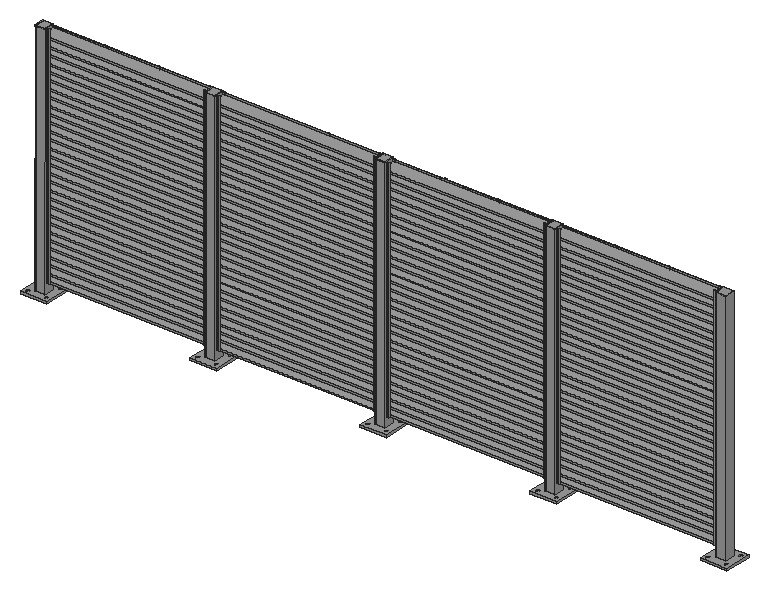
Revit family "Palmshield-Asia-Louver-Array", category Specialty Equipment, Revit 2025
Family settings
  Round Connector Dimension = Use Diameter
  Part Type = Normal
  OmniClass Number = 23.55.00.00
  OmniClass Title = Manufactured Structures
  Enable Cutting in Views = No
  Cut with Voids When Loaded = No
  Maintain Annotation Orientation = No
  Shared = No
  Room Calculation Point = No
Parameters (values of type "Assembly")
  Warranty URL = "https://palmshieldlouvers.com/wp-content/uploads/2020/01/PalmSHIELD-Warranty-NO-SIGN-LINE.pdf"
  Version = "2020 - v1.0a"  # constant formula
  URL = "https://palmshieldlouvers.com/"
  Type Comments = ""
  Start Post [instance] = yes
  Product Page URL = "https://palmshieldlouvers.com/products/asia-louver/"
  Product Documentation Link = "https://palmshieldlouvers.com/wp-content/uploads/2022/01/Asia-Commercial-Horizontal-Technical-Data-Sheet.pdf"
  Post Finish = Metal - PalmSHIELD - Dusty Grey
  Panel Width [instance] = if(Desired Panel Width > C Max Panel Width, C Max Panel Width, if(Desired Panel Width < C Min Panel Width, C Min Panel Width, Desired Panel Width))  # 4' - 0"
  Panel Height [instance] = if(Desired Panel Height > C Max Panel Height, C Max Panel Height, if(Desired Panel Height < C Min Panel Height, C Min Panel Height, Desired Panel Height))  # 6' - 0"
  Model = "Asia - Aluminum - Panel Assembly"  # constant formula
  Manufacturer Phone Number = "531-329-4406 "  # constant formula
  Manufacturer Email = "mailto: info@palmshieldlouvers.com"
  Manufacturer Address = "12330 Cary Circle, La Vista, NE 68128"  # constant formula
  Manufacturer = "PalmSHIELD"  # constant formula
  Keynote = "05 10 00"
  Instruction Sheet Link = "https://palmshieldlouvers.com/wp-content/uploads/2021/09/PalmSHIELD-Mercury-Series-Post-Panel-Gate-Installation-Instructions-2.docx"
  ID [instance] = "Not Assigned"
  Frame Finish = Metal - PalmSHIELD - Dusty Grey
  Filler Panel [instance] = no
  End Post [instance] = yes
  Desired Panel Width [instance] = 4' - 0"
  Desired Panel Height [instance] = 6' - 0"
  Real Length [instance] = if(system length 1 < (C Post Width + C Min Panel Width), (C Post Width + C Min Panel Width), system length 1)  # 17' - 0"
  Description = "Asia - Aluminum - Panel Assembly"  # constant formula
  system length 1 [instance] = 17' - 0"
  Copyright = "Copyright ©2024 The American Fence Company and PalmSHIELD. All Rights Reserved."  # constant formula
  Component Name [instance] = "Asia - Aluminum - Panel Assembly"  # constant formula
  C Single Post [instance] = if(C Condition Double, 1 = 1, if(and(End Post, C Condition Single), 1 = 1, 1 = 0))  # no
  C Single Panel [instance] = or(C Condition Double, C Condition Single)  # no
  C Post Width [instance] = 0' - 3"  # constant formula
  C Multiple Post [instance] = (C Condition Multiple)  # yes
  C Multiple Panels [instance] = (C Condition Multiple)  # yes
  C Min Panel Width [instance] = 3' - 4"  # constant formula
  C Min Panel Height [instance] = 3' - 4"  # constant formula
  C Max Panel Width [instance] = 5' - 0"  # constant formula
  C Max Panel Height [instance] = 12' - 0"  # constant formula
  C Filler Post [instance] = and(not(C Condition Single), Filler Panel, End Post, C Filler Panel Width > C Min Panel Width)  # no
  C Filler Panel Width Calculated [instance] = Real Length - C Calculated Total Length - Panel Width - C Post Width  # 4' - 0"
  C Filler Panel Width [instance] = if(C Filler Panel Width Calculated < C Min Panel Width, C Min Panel Width, if(C Filler Panel Width Calculated > C Max Panel Width, C Max Panel Width, C Filler Panel Width Calculated))  # 4' - 0"
  C Filler Panel [instance] = and(not(C Condition Single), Filler Panel, C Filler Panel Width > C Min Panel Width)  # no
  C Condition Single [instance] = C Array Count < 1  # no
  C Condition Multiple [instance] = C Array Count > 1  # yes
  C Condition Double [instance] = C Array Count = 1  # no
  C Complete Post [instance] = and(not(C Condition Single), not(Filler Panel), End Post)  # yes
  C Complete Panel [instance] = and(not(C Condition Single), not(Filler Panel))  # yes
  C Calculated Total Length [instance] = if(C Array Count < 1, 0' 0", if(C Array Count = 1, C Post Width, Panel Width * (C Array Safe - 1) + C Post Width * (C Array Safe)))  # 8' - 9"
  C Calculated Filler Panel Length [instance] = if(C Array Count < 1, 0' 0", if(or(C Array Count = 2, C Array Count = 1), C Post Width, if(Filler Panel, (C Calculated Total Length - C Post Width - C Filler Panel Width), (C Calculated Total Length - C Post Width - Panel Width))))  # 4' - 6"
  C Array Safe [instance] = if(C Array Count < 2, 2, C Array Count)  # 3
  C Array Count [instance] = if(Filler Panel, roundup(((Real Length - C Min Panel Width) / (Panel Width + C Post Width)) - 1), roundup(((Real Length - (Panel Width)) / (Panel Width + C Post Width)) - 1))  # 3
  Assembly Code = "F1020100"
Reference planes (in)
  plane 1 "Center (Front/Back)": y = 0
  plane 2: z = 0
  plane 3 "Left": x = 0
  plane 4 "Right": x = 204
  plane 5 "Top": z = 60
  plane 6: x = 48
  plane 7: x = 51
  plane 8: x = 99
  plane 9: x = 102
  plane 10: x = -3
  plane 11: x = 153
  plane 12: x = 51
  plane 13: x = 201
  plane 14: x = 201
  plane 15: x = -1.5
  plane 16: x = 204
  plane 17: x = 202.5
  plane 18: x = 202.5
  plane 19: x = 204
  plane 20: x = 49.5
  plane 21: x = 100.5
Lines and regions (in)
  reference lines
    curve 1: line (0, 0, 0) -> (204, 0, 0)
Dimensions and locks (in)
  "system length 1": plane 3 "Left" to plane 4 "Right"
  "Panel Width": plane 6 to plane 3 "Left"
  "C Post Width": plane 7 to plane 6
  "Panel Width": plane 8 to plane 7
  "C Post Width": plane 9 to plane 8
  "C Post Width": plane 3 "Left" to plane 10
  "C Calculated Filler Panel Length": plane 12 to plane 10
  "C Filler Panel Width": plane 13 to plane 11
  "Panel Width": plane 14 to plane 11
  "C Calculated Total Length": plane 11 to plane 6
  equal spacing: plane 10, plane 15, plane 3 "Left"
  equal spacing: group 1, group 2, group 5  (x3)
  equal spacing: group 3, group 4, group 6  (x3)
  equal spacing: plane 16, plane 17, plane 13
  "C Post Width": plane 16 to plane 13
  equal spacing: plane 19, plane 18, plane 14
  "C Post Width": plane 19 to plane 14
  equal spacing: plane 9, plane 21, plane 8
  equal spacing: plane 7, plane 20, plane 6
  aligned and locked: plane 4 "Right" to curve 1
  aligned and locked: plane 1 "Center (Front/Back)" to curve 1
  aligned and locked: plane 3 "Left" to curve 1
  aligned and locked: level to plane 2
  aligned and locked: plane 15 to nested 1
  aligned and locked: nested 1 to plane 1 "Center (Front/Back)"
  aligned and locked: nested 2 to plane 1 "Center (Front/Back)"
  aligned and locked: plane 3 "Left" to nested 2
  aligned and locked: nested 3 to plane 13
  aligned and locked: nested 4 to plane 14
  aligned and locked: plane 1 "Center (Front/Back)" to nested 6
  aligned and locked: plane 1 "Center (Front/Back)" to nested 5
  aligned and locked: nested 4 to plane 1 "Center (Front/Back)"
  aligned and locked: nested 7 to plane 1 "Center (Front/Back)"
  aligned and locked: plane 1 "Center (Front/Back)" to nested 8
  aligned and locked: plane 1 "Center (Front/Back)" to nested 9
  aligned and locked: plane 1 "Center (Front/Back)" to nested 10
  aligned and locked: nested 3 to plane 1 "Center (Front/Back)"
  aligned and locked: nested 11 to plane 1 "Center (Front/Back)"
  aligned and locked: plane 17 to nested 6
  aligned and locked: plane 18 to nested 5
  aligned and locked: plane 3 "Left" to nested 7
  aligned and locked: plane 7 to nested 11
  aligned and locked: plane 20 to nested 8
  aligned and locked: plane 21 to nested 9
Nested families (in)
  nested 1: "Screening-Louver-Assembly-Post-Palmshield-Tiberius-Aluminum" at (-1.5, 0, 0), Desired Overall Height <- "Panel Height", visible <- "Start Post", Component Vis <- "Start Post", ID <- "ID", type "Assembly"
    with ID "Not Assigned", Height 6' - 0", Desired Overall Height 6' - 0", Component Vis yes, Component Name "Asia - Aluminum - Square Post", C Min Height 3' - 4", C Max Height 12' - 0"
  nested 2: "Screening-Louver-Assembly-Panel-Palmshield-Asia-Aluminum" at (0, -1.125, 0), Desired Overall Height <- "Panel Height", Desired Overall Width <- "Panel Width", visible <- "C Single Panel", Component Vis <- "C Single Panel", ID <- "ID", type ""
    with Width 4' - 0", ID "Not Assigned", Height 6' - 0", Desired Overall Width 4' - 0", Desired Overall Height 6' - 0", Desired Bottom Angle 0.00°, Component Vis no, Component Name "Asia - Aluminum - Panel Assembly", C Min Width 3' - 4", C Min Height 3' - 4", C Max Width 5' - 0", C Max Height 12' - 0", C Angle 0.00°
  nested 3: "Screening-Louver-Assembly-Panel-Palmshield-Asia-Aluminum" at (153, -1.125, 0), Desired Overall Height <- "Panel Height", Desired Overall Width <- "C Filler Panel Width", visible <- "C Filler Panel", Component Vis <- "C Filler Panel", ID <- "ID", type ""
    with Width 4' - 0", ID "Not Assigned", Height 6' - 0", Desired Overall Width 4' - 0", Desired Overall Height 6' - 0", Desired Bottom Angle 0.00°, Component Vis no, Component Name "Asia - Aluminum - Panel Assembly", C Min Width 3' - 4", C Min Height 3' - 4", C Max Width 5' - 0", C Max Height 12' - 0", C Angle 0.00°
  nested 4: "Screening-Louver-Assembly-Panel-Palmshield-Asia-Aluminum" at (153, -1.125, 0), Desired Overall Height <- "Panel Height", Desired Overall Width <- "Panel Width", visible <- "C Complete Panel", Component Vis <- "C Complete Panel", ID <- "ID", type "Assembly"
    with Width 4' - 0", ID "Not Assigned", Height 6' - 0", Desired Overall Width 4' - 0", Desired Overall Height 6' - 0", Desired Bottom Angle 0.00°, Component Vis yes, Component Name "Asia - Aluminum - Panel Assembly", C Min Width 3' - 4", C Min Height 3' - 4", C Max Width 5' - 0", C Max Height 12' - 0", C Angle 0.00°
  nested 5: "Screening-Louver-Assembly-Post-Palmshield-Tiberius-Aluminum" at (202.5, 0, 0), Desired Overall Height <- "Panel Height", visible <- "C Complete Post", Component Vis <- "C Complete Post", ID <- "ID", type "Assembly"
    with ID "Not Assigned", Height 6' - 0", Desired Overall Height 6' - 0", Component Vis yes, Component Name "Asia - Aluminum - Square Post", C Min Height 3' - 4", C Max Height 12' - 0"
  nested 6: "Screening-Louver-Assembly-Post-Palmshield-Tiberius-Aluminum" at (202.5, 0, 0), Desired Overall Height <- "Panel Height", visible <- "C Filler Post", Component Vis <- "C Filler Post", ID <- "ID", type ""
    with ID "Not Assigned", Height 6' - 0", Desired Overall Height 6' - 0", Component Vis no, Component Name "Asia - Aluminum - Square Post", C Min Height 3' - 4", C Max Height 12' - 0"
  nested 7: "Screening-Louver-Assembly-Panel-Palmshield-Asia-Aluminum" at (0, -1.125, 0), Desired Overall Height <- "Panel Height", Desired Overall Width <- "Panel Width", visible <- "C Multiple Panels", Component Vis <- "C Multiple Panels", ID <- "ID", type "Assembly"
    with Width 4' - 0", ID "Not Assigned", Height 6' - 0", Desired Overall Width 4' - 0", Desired Overall Height 6' - 0", Desired Bottom Angle 0.00°, Component Vis yes, Component Name "Asia - Aluminum - Panel Assembly", C Min Width 3' - 4", C Min Height 3' - 4", C Max Width 5' - 0", C Max Height 12' - 0", C Angle 0.00°
  nested 8: "Screening-Louver-Assembly-Post-Palmshield-Tiberius-Aluminum" at (49.5, 0, 0), Desired Overall Height <- "Panel Height", visible <- "C Multiple Post", Component Vis <- "C Multiple Post", ID <- "ID", type "Assembly"
    with ID "Not Assigned", Height 6' - 0", Desired Overall Height 6' - 0", Component Vis yes, Component Name "Asia - Aluminum - Square Post", C Min Height 3' - 4", C Max Height 12' - 0"
  nested 9: "Screening-Louver-Assembly-Post-Palmshield-Tiberius-Aluminum" at (100.5, 0, 0), Desired Overall Height <- "Panel Height", visible <- "C Multiple Post", Component Vis <- "C Multiple Post", ID <- "ID", type "Assembly"
    with ID "Not Assigned", Height 6' - 0", Desired Overall Height 6' - 0", Component Vis yes, Component Name "Asia - Aluminum - Square Post", C Min Height 3' - 4", C Max Height 12' - 0"
  nested 10: "Screening-Louver-Assembly-Post-Palmshield-Tiberius-Aluminum" at (49.5, 0, 0), Desired Overall Height <- "Panel Height", visible <- "C Single Post", Component Vis <- "C Single Post", ID <- "ID", type ""
    with ID "Not Assigned", Height 6' - 0", Desired Overall Height 6' - 0", Component Vis no, Component Name "Asia - Aluminum - Square Post", C Min Height 3' - 4", C Max Height 12' - 0"
  nested 11: "Screening-Louver-Assembly-Panel-Palmshield-Asia-Aluminum" at (51, -1.125, 0), Desired Overall Height <- "Panel Height", Desired Overall Width <- "Panel Width", visible <- "C Multiple Panels", Component Vis <- "C Multiple Panels", ID <- "ID", type "Assembly"
    with Width 4' - 0", ID "Not Assigned", Height 6' - 0", Desired Overall Width 4' - 0", Desired Overall Height 6' - 0", Desired Bottom Angle 0.00°, Component Vis yes, Component Name "Asia - Aluminum - Panel Assembly", C Min Width 3' - 4", C Min Height 3' - 4", C Max Width 5' - 0", C Max Height 12' - 0", C Angle 0.00°
  nested 12: "Nested-Base_Plate-Palmshield-Asia" at (100.5, 0, 0), type ""
    with Material Metal - PalmSHIELD - Dusty Grey, ID "Not Assigned", Component Name "Asia - Aluminum - Base Plate"
  nested 13: "Nested-Square_Post-Palmshield-Asia" at (100.5, 0, 0.625), type ""
    with Material Metal - PalmSHIELD - Dusty Grey, Length 5' - 11 1/4", ID "Not Assigned", Component Name "Asia - Aluminum - Square Post"
  nested 14: "Nested-Top_Cap-Palmshield-Asia" at (100.5, 0, 71.875), type ""
    with Material Metal - PalmSHIELD - Dusty Grey, ID "Not Assigned", Component Name "Asia - Aluminum - Square Top Cap"
  nested 15: "Nested-U_Channel-Palmshield-Asia" at (51, -1.125, 72) x (0, 1, 0) z (1, 0, 0), type ""
    with Material Metal - PalmSHIELD - Dusty Grey, Length 5' - 8 1/2", ID "Not Assigned", Component Name "Asia - Aluminum - U Channel"
  nested 16: "Nested-U_Channel-Palmshield-Asia" at (99, -1.125, 3.5) x (0, 1, 0) z (-1, 0, 0), type ""
    with Material Metal - PalmSHIELD - Dusty Grey, Length 5' - 8 1/2", ID "Not Assigned", Component Name "Asia - Aluminum - U Channel"
  nested 17: "Nested-Louvers-Palmshield-Asia" at (51.375, 1, 8.75669) x (0, -1, 0) z (1, 0, 0), type ""
    with Material Metal - PalmSHIELD - Dusty Grey, Length 3' - 11 1/4", ID "Not Assigned", Component Name "Asia - Aluminum - Louvers"
  nested 18: "Nested-Louvers-Palmshield-Asia" at (51.375, 1, 11.01538) x (0, -1, 0) z (1, 0, 0), type ""
    with Material Metal - PalmSHIELD - Dusty Grey, Length 3' - 11 1/4", ID "Not Assigned", Component Name "Asia - Aluminum - Louvers"
  nested 19: "Nested-Louvers-Palmshield-Asia" at (51.375, 1, 13.27407) x (0, -1, 0) z (1, 0, 0), type ""
    with Material Metal - PalmSHIELD - Dusty Grey, Length 3' - 11 1/4", ID "Not Assigned", Component Name "Asia - Aluminum - Louvers"
  nested 20: "Nested-Louvers-Palmshield-Asia" at (51.375, 1, 15.53276) x (0, -1, 0) z (1, 0, 0), type ""
    with Material Metal - PalmSHIELD - Dusty Grey, Length 3' - 11 1/4", ID "Not Assigned", Component Name "Asia - Aluminum - Louvers"
  nested 21: "Nested-Louvers-Palmshield-Asia" at (51.375, 1, 17.79145) x (0, -1, 0) z (1, 0, 0), type ""
    with Material Metal - PalmSHIELD - Dusty Grey, Length 3' - 11 1/4", ID "Not Assigned", Component Name "Asia - Aluminum - Louvers"
  nested 22: "Nested-Louvers-Palmshield-Asia" at (51.375, 1, 20.05014) x (0, -1, 0) z (1, 0, 0), type ""
    with Material Metal - PalmSHIELD - Dusty Grey, Length 3' - 11 1/4", ID "Not Assigned", Component Name "Asia - Aluminum - Louvers"
  nested 23: "Nested-Louvers-Palmshield-Asia" at (51.375, 1, 22.30883) x (0, -1, 0) z (1, 0, 0), type ""
    with Material Metal - PalmSHIELD - Dusty Grey, Length 3' - 11 1/4", ID "Not Assigned", Component Name "Asia - Aluminum - Louvers"
  nested 24: "Nested-Louvers-Palmshield-Asia" at (51.375, 1, 24.56752) x (0, -1, 0) z (1, 0, 0), type ""
    with Material Metal - PalmSHIELD - Dusty Grey, Length 3' - 11 1/4", ID "Not Assigned", Component Name "Asia - Aluminum - Louvers"
  nested 25: "Nested-Louvers-Palmshield-Asia" at (51.375, 1, 26.82621) x (0, -1, 0) z (1, 0, 0), type ""
    with Material Metal - PalmSHIELD - Dusty Grey, Length 3' - 11 1/4", ID "Not Assigned", Component Name "Asia - Aluminum - Louvers"
  nested 26: "Nested-Louvers-Palmshield-Asia" at (51.375, 1, 29.0849) x (0, -1, 0) z (1, 0, 0), type ""
    with Material Metal - PalmSHIELD - Dusty Grey, Length 3' - 11 1/4", ID "Not Assigned", Component Name "Asia - Aluminum - Louvers"
  nested 27: "Nested-Louvers-Palmshield-Asia" at (51.375, 1, 31.34359) x (0, -1, 0) z (1, 0, 0), type ""
    with Material Metal - PalmSHIELD - Dusty Grey, Length 3' - 11 1/4", ID "Not Assigned", Component Name "Asia - Aluminum - Louvers"
  nested 28: "Nested-Louvers-Palmshield-Asia" at (51.375, 1, 33.60228) x (0, -1, 0) z (1, 0, 0), type ""
    with Material Metal - PalmSHIELD - Dusty Grey, Length 3' - 11 1/4", ID "Not Assigned", Component Name "Asia - Aluminum - Louvers"
  nested 29: "Nested-Louvers-Palmshield-Asia" at (51.375, 1, 35.86097) x (0, -1, 0) z (1, 0, 0), type ""
    with Material Metal - PalmSHIELD - Dusty Grey, Length 3' - 11 1/4", ID "Not Assigned", Component Name "Asia - Aluminum - Louvers"
  nested 30: "Nested-Louvers-Palmshield-Asia" at (51.375, 1, 38.11966) x (0, -1, 0) z (1, 0, 0), type ""
    with Material Metal - PalmSHIELD - Dusty Grey, Length 3' - 11 1/4", ID "Not Assigned", Component Name "Asia - Aluminum - Louvers"
  nested 31: "Nested-Louvers-Palmshield-Asia" at (51.375, 1, 40.37834) x (0, -1, 0) z (1, 0, 0), type ""
    with Material Metal - PalmSHIELD - Dusty Grey, Length 3' - 11 1/4", ID "Not Assigned", Component Name "Asia - Aluminum - Louvers"
  nested 32: "Nested-Louvers-Palmshield-Asia" at (51.375, 1, 42.63703) x (0, -1, 0) z (1, 0, 0), type ""
    with Material Metal - PalmSHIELD - Dusty Grey, Length 3' - 11 1/4", ID "Not Assigned", Component Name "Asia - Aluminum - Louvers"
  nested 33: "Nested-Louvers-Palmshield-Asia" at (51.375, 1, 44.89572) x (0, -1, 0) z (1, 0, 0), type ""
    with Material Metal - PalmSHIELD - Dusty Grey, Length 3' - 11 1/4", ID "Not Assigned", Component Name "Asia - Aluminum - Louvers"
  nested 34: "Nested-Louvers-Palmshield-Asia" at (51.375, 1, 47.15441) x (0, -1, 0) z (1, 0, 0), type ""
    with Material Metal - PalmSHIELD - Dusty Grey, Length 3' - 11 1/4", ID "Not Assigned", Component Name "Asia - Aluminum - Louvers"
  nested 35: "Nested-Louvers-Palmshield-Asia" at (51.375, 1, 49.4131) x (0, -1, 0) z (1, 0, 0), type ""
    with Material Metal - PalmSHIELD - Dusty Grey, Length 3' - 11 1/4", ID "Not Assigned", Component Name "Asia - Aluminum - Louvers"
  nested 36: "Nested-Louvers-Palmshield-Asia" at (51.375, 1, 51.67179) x (0, -1, 0) z (1, 0, 0), type ""
    with Material Metal - PalmSHIELD - Dusty Grey, Length 3' - 11 1/4", ID "Not Assigned", Component Name "Asia - Aluminum - Louvers"
  nested 37: "Nested-Louvers-Palmshield-Asia" at (51.375, 1, 53.93048) x (0, -1, 0) z (1, 0, 0), type ""
    with Material Metal - PalmSHIELD - Dusty Grey, Length 3' - 11 1/4", ID "Not Assigned", Component Name "Asia - Aluminum - Louvers"
  nested 38: "Nested-Louvers-Palmshield-Asia" at (51.375, 1, 56.18917) x (0, -1, 0) z (1, 0, 0), type ""
    with Material Metal - PalmSHIELD - Dusty Grey, Length 3' - 11 1/4", ID "Not Assigned", Component Name "Asia - Aluminum - Louvers"
  nested 39: "Nested-Louvers-Palmshield-Asia" at (51.375, 1, 58.44786) x (0, -1, 0) z (1, 0, 0), type ""
    with Material Metal - PalmSHIELD - Dusty Grey, Length 3' - 11 1/4", ID "Not Assigned", Component Name "Asia - Aluminum - Louvers"
  nested 40: "Nested-Louvers-Palmshield-Asia" at (51.375, 1, 60.70655) x (0, -1, 0) z (1, 0, 0), type ""
    with Material Metal - PalmSHIELD - Dusty Grey, Length 3' - 11 1/4", ID "Not Assigned", Component Name "Asia - Aluminum - Louvers"
  nested 41: "Nested-Louvers-Palmshield-Asia" at (51.375, 1, 62.96524) x (0, -1, 0) z (1, 0, 0), type ""
    with Material Metal - PalmSHIELD - Dusty Grey, Length 3' - 11 1/4", ID "Not Assigned", Component Name "Asia - Aluminum - Louvers"
  nested 42: "Nested-Louvers-Palmshield-Asia" at (51.375, 1, 65.22393) x (0, -1, 0) z (1, 0, 0), type ""
    with Material Metal - PalmSHIELD - Dusty Grey, Length 3' - 11 1/4", ID "Not Assigned", Component Name "Asia - Aluminum - Louvers"
  nested 43: "Nested-Louvers-Palmshield-Asia" at (51.375, 1, 67.48262) x (0, -1, 0) z (1, 0, 0), type ""
    with Material Metal - PalmSHIELD - Dusty Grey, Length 3' - 11 1/4", ID "Not Assigned", Component Name "Asia - Aluminum - Louvers"
  nested 44: "Nested-Louvers-Palmshield-Asia" at (51.375, 1, 69.74131) x (0, -1, 0) z (1, 0, 0), type ""
    with Material Metal - PalmSHIELD - Dusty Grey, Length 3' - 11 1/4", ID "Not Assigned", Component Name "Asia - Aluminum - Louvers"
  nested 45: "Nested-Louvers-Palmshield-Asia" at (51.375, 1, 6.498) x (0, -1, 0) z (1, 0, 0), type ""
    with Material Metal - PalmSHIELD - Dusty Grey, Length 3' - 11 1/4", ID "Not Assigned", Component Name "Asia - Aluminum - Louvers"
  nested 46: "Nested-Louvers-Palmshield-Asia" at (51.375, 1, 72) x (0, -1, 0) z (1, 0, 0), type ""
    with Material Metal - PalmSHIELD - Dusty Grey, Length 3' - 11 1/4", ID "Not Assigned", Component Name "Asia - Aluminum - Louvers"
  nested 47: "Nested-Rib-Palmshield-Asia" at (67, 1, 5.97847), type ""
    with Material Metal - PalmSHIELD - Dusty Grey, Length 5' - 6.02153", ID "Not Assigned", Component Name "Asia - Aluminum - FB Ribs"
  nested 48: "Nested-Rib-Palmshield-Asia" at (83, 1, 5.97847), type ""
    with Material Metal - PalmSHIELD - Dusty Grey, Length 5' - 6.02153", ID "Not Assigned", Component Name "Asia - Aluminum - FB Ribs"
  nested 49: "Nested-U_Channel-Palmshield-Asia" at (0, -1.125, 72) x (0, 1, 0) z (1, 0, 0), type ""
    with Material Metal - PalmSHIELD - Dusty Grey, Length 5' - 8 1/2", ID "Not Assigned", Component Name "Asia - Aluminum - U Channel"
  nested 50: "Nested-U_Channel-Palmshield-Asia" at (48, -1.125, 3.5) x (0, 1, 0) z (-1, 0, 0), type ""
    with Material Metal - PalmSHIELD - Dusty Grey, Length 5' - 8 1/2", ID "Not Assigned", Component Name "Asia - Aluminum - U Channel"
  nested 51: "Nested-Louvers-Palmshield-Asia" at (0.375, 1, 8.75669) x (0, -1, 0) z (1, 0, 0), type ""
    with Material Metal - PalmSHIELD - Dusty Grey, Length 3' - 11 1/4", ID "Not Assigned", Component Name "Asia - Aluminum - Louvers"
  nested 52: "Nested-Louvers-Palmshield-Asia" at (0.375, 1, 11.01538) x (0, -1, 0) z (1, 0, 0), type ""
    with Material Metal - PalmSHIELD - Dusty Grey, Length 3' - 11 1/4", ID "Not Assigned", Component Name "Asia - Aluminum - Louvers"
  nested 53: "Nested-Louvers-Palmshield-Asia" at (0.375, 1, 13.27407) x (0, -1, 0) z (1, 0, 0), type ""
    with Material Metal - PalmSHIELD - Dusty Grey, Length 3' - 11 1/4", ID "Not Assigned", Component Name "Asia - Aluminum - Louvers"
  nested 54: "Nested-Louvers-Palmshield-Asia" at (0.375, 1, 15.53276) x (0, -1, 0) z (1, 0, 0), type ""
    with Material Metal - PalmSHIELD - Dusty Grey, Length 3' - 11 1/4", ID "Not Assigned", Component Name "Asia - Aluminum - Louvers"
  nested 55: "Nested-Louvers-Palmshield-Asia" at (0.375, 1, 17.79145) x (0, -1, 0) z (1, 0, 0), type ""
    with Material Metal - PalmSHIELD - Dusty Grey, Length 3' - 11 1/4", ID "Not Assigned", Component Name "Asia - Aluminum - Louvers"
  nested 56: "Nested-Louvers-Palmshield-Asia" at (0.375, 1, 20.05014) x (0, -1, 0) z (1, 0, 0), type ""
    with Material Metal - PalmSHIELD - Dusty Grey, Length 3' - 11 1/4", ID "Not Assigned", Component Name "Asia - Aluminum - Louvers"
  nested 57: "Nested-Louvers-Palmshield-Asia" at (0.375, 1, 22.30883) x (0, -1, 0) z (1, 0, 0), type ""
    with Material Metal - PalmSHIELD - Dusty Grey, Length 3' - 11 1/4", ID "Not Assigned", Component Name "Asia - Aluminum - Louvers"
  nested 58: "Nested-Louvers-Palmshield-Asia" at (0.375, 1, 24.56752) x (0, -1, 0) z (1, 0, 0), type ""
    with Material Metal - PalmSHIELD - Dusty Grey, Length 3' - 11 1/4", ID "Not Assigned", Component Name "Asia - Aluminum - Louvers"
  nested 59: "Nested-Louvers-Palmshield-Asia" at (0.375, 1, 26.82621) x (0, -1, 0) z (1, 0, 0), type ""
    with Material Metal - PalmSHIELD - Dusty Grey, Length 3' - 11 1/4", ID "Not Assigned", Component Name "Asia - Aluminum - Louvers"
  nested 60: "Nested-Louvers-Palmshield-Asia" at (0.375, 1, 29.0849) x (0, -1, 0) z (1, 0, 0), type ""
    with Material Metal - PalmSHIELD - Dusty Grey, Length 3' - 11 1/4", ID "Not Assigned", Component Name "Asia - Aluminum - Louvers"
  nested 61: "Nested-Louvers-Palmshield-Asia" at (0.375, 1, 31.34359) x (0, -1, 0) z (1, 0, 0), type ""
    with Material Metal - PalmSHIELD - Dusty Grey, Length 3' - 11 1/4", ID "Not Assigned", Component Name "Asia - Aluminum - Louvers"
  nested 62: "Nested-Louvers-Palmshield-Asia" at (0.375, 1, 33.60228) x (0, -1, 0) z (1, 0, 0), type ""
    with Material Metal - PalmSHIELD - Dusty Grey, Length 3' - 11 1/4", ID "Not Assigned", Component Name "Asia - Aluminum - Louvers"
  nested 63: "Nested-Louvers-Palmshield-Asia" at (0.375, 1, 35.86097) x (0, -1, 0) z (1, 0, 0), type ""
    with Material Metal - PalmSHIELD - Dusty Grey, Length 3' - 11 1/4", ID "Not Assigned", Component Name "Asia - Aluminum - Louvers"
  nested 64: "Nested-Louvers-Palmshield-Asia" at (0.375, 1, 38.11966) x (0, -1, 0) z (1, 0, 0), type ""
    with Material Metal - PalmSHIELD - Dusty Grey, Length 3' - 11 1/4", ID "Not Assigned", Component Name "Asia - Aluminum - Louvers"
  nested 65: "Nested-Louvers-Palmshield-Asia" at (0.375, 1, 40.37834) x (0, -1, 0) z (1, 0, 0), type ""
    with Material Metal - PalmSHIELD - Dusty Grey, Length 3' - 11 1/4", ID "Not Assigned", Component Name "Asia - Aluminum - Louvers"
  nested 66: "Nested-Louvers-Palmshield-Asia" at (0.375, 1, 42.63703) x (0, -1, 0) z (1, 0, 0), type ""
    with Material Metal - PalmSHIELD - Dusty Grey, Length 3' - 11 1/4", ID "Not Assigned", Component Name "Asia - Aluminum - Louvers"
  nested 67: "Nested-Louvers-Palmshield-Asia" at (0.375, 1, 44.89572) x (0, -1, 0) z (1, 0, 0), type ""
    with Material Metal - PalmSHIELD - Dusty Grey, Length 3' - 11 1/4", ID "Not Assigned", Component Name "Asia - Aluminum - Louvers"
  nested 68: "Nested-Louvers-Palmshield-Asia" at (0.375, 1, 47.15441) x (0, -1, 0) z (1, 0, 0), type ""
    with Material Metal - PalmSHIELD - Dusty Grey, Length 3' - 11 1/4", ID "Not Assigned", Component Name "Asia - Aluminum - Louvers"
  nested 69: "Nested-Louvers-Palmshield-Asia" at (0.375, 1, 49.4131) x (0, -1, 0) z (1, 0, 0), type ""
    with Material Metal - PalmSHIELD - Dusty Grey, Length 3' - 11 1/4", ID "Not Assigned", Component Name "Asia - Aluminum - Louvers"
  nested 70: "Nested-Louvers-Palmshield-Asia" at (0.375, 1, 51.67179) x (0, -1, 0) z (1, 0, 0), type ""
    with Material Metal - PalmSHIELD - Dusty Grey, Length 3' - 11 1/4", ID "Not Assigned", Component Name "Asia - Aluminum - Louvers"
  nested 71: "Nested-Louvers-Palmshield-Asia" at (0.375, 1, 53.93048) x (0, -1, 0) z (1, 0, 0), type ""
    with Material Metal - PalmSHIELD - Dusty Grey, Length 3' - 11 1/4", ID "Not Assigned", Component Name "Asia - Aluminum - Louvers"
  nested 72: "Nested-Louvers-Palmshield-Asia" at (0.375, 1, 56.18917) x (0, -1, 0) z (1, 0, 0), type ""
    with Material Metal - PalmSHIELD - Dusty Grey, Length 3' - 11 1/4", ID "Not Assigned", Component Name "Asia - Aluminum - Louvers"
  nested 73: "Nested-Louvers-Palmshield-Asia" at (0.375, 1, 58.44786) x (0, -1, 0) z (1, 0, 0), type ""
    with Material Metal - PalmSHIELD - Dusty Grey, Length 3' - 11 1/4", ID "Not Assigned", Component Name "Asia - Aluminum - Louvers"
  nested 74: "Nested-Louvers-Palmshield-Asia" at (0.375, 1, 60.70655) x (0, -1, 0) z (1, 0, 0), type ""
    with Material Metal - PalmSHIELD - Dusty Grey, Length 3' - 11 1/4", ID "Not Assigned", Component Name "Asia - Aluminum - Louvers"
  nested 75: "Nested-Louvers-Palmshield-Asia" at (0.375, 1, 62.96524) x (0, -1, 0) z (1, 0, 0), type ""
    with Material Metal - PalmSHIELD - Dusty Grey, Length 3' - 11 1/4", ID "Not Assigned", Component Name "Asia - Aluminum - Louvers"
  nested 76: "Nested-Louvers-Palmshield-Asia" at (0.375, 1, 65.22393) x (0, -1, 0) z (1, 0, 0), type ""
    with Material Metal - PalmSHIELD - Dusty Grey, Length 3' - 11 1/4", ID "Not Assigned", Component Name "Asia - Aluminum - Louvers"
  nested 77: "Nested-Louvers-Palmshield-Asia" at (0.375, 1, 67.48262) x (0, -1, 0) z (1, 0, 0), type ""
    with Material Metal - PalmSHIELD - Dusty Grey, Length 3' - 11 1/4", ID "Not Assigned", Component Name "Asia - Aluminum - Louvers"
  nested 78: "Nested-Louvers-Palmshield-Asia" at (0.375, 1, 69.74131) x (0, -1, 0) z (1, 0, 0), type ""
    with Material Metal - PalmSHIELD - Dusty Grey, Length 3' - 11 1/4", ID "Not Assigned", Component Name "Asia - Aluminum - Louvers"
  nested 79: "Nested-Louvers-Palmshield-Asia" at (0.375, 1, 6.498) x (0, -1, 0) z (1, 0, 0), type ""
    with Material Metal - PalmSHIELD - Dusty Grey, Length 3' - 11 1/4", ID "Not Assigned", Component Name "Asia - Aluminum - Louvers"
  nested 80: "Nested-Louvers-Palmshield-Asia" at (0.375, 1, 72) x (0, -1, 0) z (1, 0, 0), type ""
    with Material Metal - PalmSHIELD - Dusty Grey, Length 3' - 11 1/4", ID "Not Assigned", Component Name "Asia - Aluminum - Louvers"
  nested 81: "Nested-Rib-Palmshield-Asia" at (16, 1, 5.97847), type ""
    with Material Metal - PalmSHIELD - Dusty Grey, Length 5' - 6.02153", ID "Not Assigned", Component Name "Asia - Aluminum - FB Ribs"
  nested 82: "Nested-Rib-Palmshield-Asia" at (32, 1, 5.97847), type ""
    with Material Metal - PalmSHIELD - Dusty Grey, Length 5' - 6.02153", ID "Not Assigned", Component Name "Asia - Aluminum - FB Ribs"
  nested 83: "Nested-Base_Plate-Palmshield-Asia" at (49.5, 0, 0), type ""
    with Material Metal - PalmSHIELD - Dusty Grey, ID "Not Assigned", Component Name "Asia - Aluminum - Base Plate"
  nested 84: "Nested-Square_Post-Palmshield-Asia" at (49.5, 0, 0.625), type ""
    with Material Metal - PalmSHIELD - Dusty Grey, Length 5' - 11 1/4", ID "Not Assigned", Component Name "Asia - Aluminum - Square Post"
  nested 85: "Nested-Top_Cap-Palmshield-Asia" at (49.5, 0, 71.875), type ""
    with Material Metal - PalmSHIELD - Dusty Grey, ID "Not Assigned", Component Name "Asia - Aluminum - Square Top Cap"
  nested 86: "Screening-Louver-Assembly-Post-Palmshield-Tiberius-Aluminum" at (151.5, 0, 0), Desired Overall Height <- "Panel Height", visible <- "C Multiple Post", Component Vis <- "C Multiple Post", ID <- "ID", type "Assembly"
    with ID "Not Assigned", Height 6' - 0", Desired Overall Height 6' - 0", Component Vis yes, Component Name "Asia - Aluminum - Square Post", C Min Height 3' - 4", C Max Height 12' - 0"
  nested 87: "Nested-Base_Plate-Palmshield-Asia" at (151.5, 0, 0), type ""
    with Material Metal - PalmSHIELD - Dusty Grey, ID "Not Assigned", Component Name "Asia - Aluminum - Base Plate"
  nested 88: "Nested-Square_Post-Palmshield-Asia" at (151.5, 0, 0.625), type ""
    with Material Metal - PalmSHIELD - Dusty Grey, Length 5' - 11 1/4", ID "Not Assigned", Component Name "Asia - Aluminum - Square Post"
  nested 89: "Nested-Top_Cap-Palmshield-Asia" at (151.5, 0, 71.875), type ""
    with Material Metal - PalmSHIELD - Dusty Grey, ID "Not Assigned", Component Name "Asia - Aluminum - Square Top Cap"
  nested 90: "Screening-Louver-Assembly-Panel-Palmshield-Asia-Aluminum" at (102, -1.125, 0), Desired Overall Height <- "Panel Height", Desired Overall Width <- "Panel Width", visible <- "C Multiple Panels", Component Vis <- "C Multiple Panels", ID <- "ID", type "Assembly"
    with Width 4' - 0", ID "Not Assigned", Height 6' - 0", Desired Overall Width 4' - 0", Desired Overall Height 6' - 0", Desired Bottom Angle 0.00°, Component Vis yes, Component Name "Asia - Aluminum - Panel Assembly", C Min Width 3' - 4", C Min Height 3' - 4", C Max Width 5' - 0", C Max Height 12' - 0", C Angle 0.00°
  nested 91: "Nested-U_Channel-Palmshield-Asia" at (102, -1.125, 72) x (0, 1, 0) z (1, 0, 0), type ""
    with Material Metal - PalmSHIELD - Dusty Grey, Length 5' - 8 1/2", ID "Not Assigned", Component Name "Asia - Aluminum - U Channel"
  nested 92: "Nested-U_Channel-Palmshield-Asia" at (150, -1.125, 3.5) x (0, 1, 0) z (-1, 0, 0), type ""
    with Material Metal - PalmSHIELD - Dusty Grey, Length 5' - 8 1/2", ID "Not Assigned", Component Name "Asia - Aluminum - U Channel"
  nested 93: "Nested-Louvers-Palmshield-Asia" at (102.375, 1, 8.75669) x (0, -1, 0) z (1, 0, 0), type ""
    with Material Metal - PalmSHIELD - Dusty Grey, Length 3' - 11 1/4", ID "Not Assigned", Component Name "Asia - Aluminum - Louvers"
  nested 94: "Nested-Louvers-Palmshield-Asia" at (102.375, 1, 11.01538) x (0, -1, 0) z (1, 0, 0), type ""
    with Material Metal - PalmSHIELD - Dusty Grey, Length 3' - 11 1/4", ID "Not Assigned", Component Name "Asia - Aluminum - Louvers"
  nested 95: "Nested-Louvers-Palmshield-Asia" at (102.375, 1, 13.27407) x (0, -1, 0) z (1, 0, 0), type ""
    with Material Metal - PalmSHIELD - Dusty Grey, Length 3' - 11 1/4", ID "Not Assigned", Component Name "Asia - Aluminum - Louvers"
  nested 96: "Nested-Louvers-Palmshield-Asia" at (102.375, 1, 15.53276) x (0, -1, 0) z (1, 0, 0), type ""
    with Material Metal - PalmSHIELD - Dusty Grey, Length 3' - 11 1/4", ID "Not Assigned", Component Name "Asia - Aluminum - Louvers"
  nested 97: "Nested-Louvers-Palmshield-Asia" at (102.375, 1, 17.79145) x (0, -1, 0) z (1, 0, 0), type ""
    with Material Metal - PalmSHIELD - Dusty Grey, Length 3' - 11 1/4", ID "Not Assigned", Component Name "Asia - Aluminum - Louvers"
  nested 98: "Nested-Louvers-Palmshield-Asia" at (102.375, 1, 20.05014) x (0, -1, 0) z (1, 0, 0), type ""
    with Material Metal - PalmSHIELD - Dusty Grey, Length 3' - 11 1/4", ID "Not Assigned", Component Name "Asia - Aluminum - Louvers"
  nested 99: "Nested-Louvers-Palmshield-Asia" at (102.375, 1, 22.30883) x (0, -1, 0) z (1, 0, 0), type ""
    with Material Metal - PalmSHIELD - Dusty Grey, Length 3' - 11 1/4", ID "Not Assigned", Component Name "Asia - Aluminum - Louvers"
  nested 100: "Nested-Louvers-Palmshield-Asia" at (102.375, 1, 24.56752) x (0, -1, 0) z (1, 0, 0), type ""
    with Material Metal - PalmSHIELD - Dusty Grey, Length 3' - 11 1/4", ID "Not Assigned", Component Name "Asia - Aluminum - Louvers"
  nested 101: "Nested-Louvers-Palmshield-Asia" at (102.375, 1, 26.82621) x (0, -1, 0) z (1, 0, 0), type ""
    with Material Metal - PalmSHIELD - Dusty Grey, Length 3' - 11 1/4", ID "Not Assigned", Component Name "Asia - Aluminum - Louvers"
  nested 102: "Nested-Louvers-Palmshield-Asia" at (102.375, 1, 29.0849) x (0, -1, 0) z (1, 0, 0), type ""
    with Material Metal - PalmSHIELD - Dusty Grey, Length 3' - 11 1/4", ID "Not Assigned", Component Name "Asia - Aluminum - Louvers"
  nested 103: "Nested-Louvers-Palmshield-Asia" at (102.375, 1, 31.34359) x (0, -1, 0) z (1, 0, 0), type ""
    with Material Metal - PalmSHIELD - Dusty Grey, Length 3' - 11 1/4", ID "Not Assigned", Component Name "Asia - Aluminum - Louvers"
  nested 104: "Nested-Louvers-Palmshield-Asia" at (102.375, 1, 33.60228) x (0, -1, 0) z (1, 0, 0), type ""
    with Material Metal - PalmSHIELD - Dusty Grey, Length 3' - 11 1/4", ID "Not Assigned", Component Name "Asia - Aluminum - Louvers"
  nested 105: "Nested-Louvers-Palmshield-Asia" at (102.375, 1, 35.86097) x (0, -1, 0) z (1, 0, 0), type ""
    with Material Metal - PalmSHIELD - Dusty Grey, Length 3' - 11 1/4", ID "Not Assigned", Component Name "Asia - Aluminum - Louvers"
  nested 106: "Nested-Louvers-Palmshield-Asia" at (102.375, 1, 38.11966) x (0, -1, 0) z (1, 0, 0), type ""
    with Material Metal - PalmSHIELD - Dusty Grey, Length 3' - 11 1/4", ID "Not Assigned", Component Name "Asia - Aluminum - Louvers"
  nested 107: "Nested-Louvers-Palmshield-Asia" at (102.375, 1, 40.37834) x (0, -1, 0) z (1, 0, 0), type ""
    with Material Metal - PalmSHIELD - Dusty Grey, Length 3' - 11 1/4", ID "Not Assigned", Component Name "Asia - Aluminum - Louvers"
  nested 108: "Nested-Louvers-Palmshield-Asia" at (102.375, 1, 42.63703) x (0, -1, 0) z (1, 0, 0), type ""
    with Material Metal - PalmSHIELD - Dusty Grey, Length 3' - 11 1/4", ID "Not Assigned", Component Name "Asia - Aluminum - Louvers"
  nested 109: "Nested-Louvers-Palmshield-Asia" at (102.375, 1, 44.89572) x (0, -1, 0) z (1, 0, 0), type ""
    with Material Metal - PalmSHIELD - Dusty Grey, Length 3' - 11 1/4", ID "Not Assigned", Component Name "Asia - Aluminum - Louvers"
  nested 110: "Nested-Louvers-Palmshield-Asia" at (102.375, 1, 47.15441) x (0, -1, 0) z (1, 0, 0), type ""
    with Material Metal - PalmSHIELD - Dusty Grey, Length 3' - 11 1/4", ID "Not Assigned", Component Name "Asia - Aluminum - Louvers"
  nested 111: "Nested-Louvers-Palmshield-Asia" at (102.375, 1, 49.4131) x (0, -1, 0) z (1, 0, 0), type ""
    with Material Metal - PalmSHIELD - Dusty Grey, Length 3' - 11 1/4", ID "Not Assigned", Component Name "Asia - Aluminum - Louvers"
  nested 112: "Nested-Louvers-Palmshield-Asia" at (102.375, 1, 51.67179) x (0, -1, 0) z (1, 0, 0), type ""
    with Material Metal - PalmSHIELD - Dusty Grey, Length 3' - 11 1/4", ID "Not Assigned", Component Name "Asia - Aluminum - Louvers"
  nested 113: "Nested-Louvers-Palmshield-Asia" at (102.375, 1, 53.93048) x (0, -1, 0) z (1, 0, 0), type ""
    with Material Metal - PalmSHIELD - Dusty Grey, Length 3' - 11 1/4", ID "Not Assigned", Component Name "Asia - Aluminum - Louvers"
  nested 114: "Nested-Louvers-Palmshield-Asia" at (102.375, 1, 56.18917) x (0, -1, 0) z (1, 0, 0), type ""
    with Material Metal - PalmSHIELD - Dusty Grey, Length 3' - 11 1/4", ID "Not Assigned", Component Name "Asia - Aluminum - Louvers"
  nested 115: "Nested-Louvers-Palmshield-Asia" at (102.375, 1, 58.44786) x (0, -1, 0) z (1, 0, 0), type ""
    with Material Metal - PalmSHIELD - Dusty Grey, Length 3' - 11 1/4", ID "Not Assigned", Component Name "Asia - Aluminum - Louvers"
  nested 116: "Nested-Louvers-Palmshield-Asia" at (102.375, 1, 60.70655) x (0, -1, 0) z (1, 0, 0), type ""
    with Material Metal - PalmSHIELD - Dusty Grey, Length 3' - 11 1/4", ID "Not Assigned", Component Name "Asia - Aluminum - Louvers"
  nested 117: "Nested-Louvers-Palmshield-Asia" at (102.375, 1, 62.96524) x (0, -1, 0) z (1, 0, 0), type ""
    with Material Metal - PalmSHIELD - Dusty Grey, Length 3' - 11 1/4", ID "Not Assigned", Component Name "Asia - Aluminum - Louvers"
  nested 118: "Nested-Louvers-Palmshield-Asia" at (102.375, 1, 65.22393) x (0, -1, 0) z (1, 0, 0), type ""
    with Material Metal - PalmSHIELD - Dusty Grey, Length 3' - 11 1/4", ID "Not Assigned", Component Name "Asia - Aluminum - Louvers"
  nested 119: "Nested-Louvers-Palmshield-Asia" at (102.375, 1, 67.48262) x (0, -1, 0) z (1, 0, 0), type ""
    with Material Metal - PalmSHIELD - Dusty Grey, Length 3' - 11 1/4", ID "Not Assigned", Component Name "Asia - Aluminum - Louvers"
  nested 120: "Nested-Louvers-Palmshield-Asia" at (102.375, 1, 69.74131) x (0, -1, 0) z (1, 0, 0), type ""
    with Material Metal - PalmSHIELD - Dusty Grey, Length 3' - 11 1/4", ID "Not Assigned", Component Name "Asia - Aluminum - Louvers"
  nested 121: "Nested-Louvers-Palmshield-Asia" at (102.375, 1, 6.498) x (0, -1, 0) z (1, 0, 0), type ""
    with Material Metal - PalmSHIELD - Dusty Grey, Length 3' - 11 1/4", ID "Not Assigned", Component Name "Asia - Aluminum - Louvers"
  nested 122: "Nested-Louvers-Palmshield-Asia" at (102.375, 1, 72) x (0, -1, 0) z (1, 0, 0), type ""
    with Material Metal - PalmSHIELD - Dusty Grey, Length 3' - 11 1/4", ID "Not Assigned", Component Name "Asia - Aluminum - Louvers"
  nested 123: "Nested-Rib-Palmshield-Asia" at (118, 1, 5.97847), type ""
    with Material Metal - PalmSHIELD - Dusty Grey, Length 5' - 6.02153", ID "Not Assigned", Component Name "Asia - Aluminum - FB Ribs"
  nested 124: "Nested-Rib-Palmshield-Asia" at (134, 1, 5.97847), type ""
    with Material Metal - PalmSHIELD - Dusty Grey, Length 5' - 6.02153", ID "Not Assigned", Component Name "Asia - Aluminum - FB Ribs"
  nested 125: "Nested-U_Channel-Palmshield-Asia" at (153, -1.125, 72) x (0, 1, 0) z (1, 0, 0), type ""
    with Material Metal - PalmSHIELD - Dusty Grey, Length 5' - 8 1/2", ID "Not Assigned", Component Name "Asia - Aluminum - U Channel"
  nested 126: "Nested-U_Channel-Palmshield-Asia" at (201, -1.125, 3.5) x (0, 1, 0) z (-1, 0, 0), type ""
    with Material Metal - PalmSHIELD - Dusty Grey, Length 5' - 8 1/2", ID "Not Assigned", Component Name "Asia - Aluminum - U Channel"
  nested 127: "Nested-Louvers-Palmshield-Asia" at (153.375, 1, 8.75669) x (0, -1, 0) z (1, 0, 0), type ""
    with Material Metal - PalmSHIELD - Dusty Grey, Length 3' - 11 1/4", ID "Not Assigned", Component Name "Asia - Aluminum - Louvers"
  nested 128: "Nested-Louvers-Palmshield-Asia" at (153.375, 1, 11.01538) x (0, -1, 0) z (1, 0, 0), type ""
    with Material Metal - PalmSHIELD - Dusty Grey, Length 3' - 11 1/4", ID "Not Assigned", Component Name "Asia - Aluminum - Louvers"
  nested 129: "Nested-Louvers-Palmshield-Asia" at (153.375, 1, 13.27407) x (0, -1, 0) z (1, 0, 0), type ""
    with Material Metal - PalmSHIELD - Dusty Grey, Length 3' - 11 1/4", ID "Not Assigned", Component Name "Asia - Aluminum - Louvers"
  nested 130: "Nested-Louvers-Palmshield-Asia" at (153.375, 1, 15.53276) x (0, -1, 0) z (1, 0, 0), type ""
    with Material Metal - PalmSHIELD - Dusty Grey, Length 3' - 11 1/4", ID "Not Assigned", Component Name "Asia - Aluminum - Louvers"
  nested 131: "Nested-Louvers-Palmshield-Asia" at (153.375, 1, 17.79145) x (0, -1, 0) z (1, 0, 0), type ""
    with Material Metal - PalmSHIELD - Dusty Grey, Length 3' - 11 1/4", ID "Not Assigned", Component Name "Asia - Aluminum - Louvers"
  nested 132: "Nested-Louvers-Palmshield-Asia" at (153.375, 1, 20.05014) x (0, -1, 0) z (1, 0, 0), type ""
    with Material Metal - PalmSHIELD - Dusty Grey, Length 3' - 11 1/4", ID "Not Assigned", Component Name "Asia - Aluminum - Louvers"
  nested 133: "Nested-Louvers-Palmshield-Asia" at (153.375, 1, 22.30883) x (0, -1, 0) z (1, 0, 0), type ""
    with Material Metal - PalmSHIELD - Dusty Grey, Length 3' - 11 1/4", ID "Not Assigned", Component Name "Asia - Aluminum - Louvers"
  nested 134: "Nested-Louvers-Palmshield-Asia" at (153.375, 1, 24.56752) x (0, -1, 0) z (1, 0, 0), type ""
    with Material Metal - PalmSHIELD - Dusty Grey, Length 3' - 11 1/4", ID "Not Assigned", Component Name "Asia - Aluminum - Louvers"
  nested 135: "Nested-Louvers-Palmshield-Asia" at (153.375, 1, 26.82621) x (0, -1, 0) z (1, 0, 0), type ""
    with Material Metal - PalmSHIELD - Dusty Grey, Length 3' - 11 1/4", ID "Not Assigned", Component Name "Asia - Aluminum - Louvers"
  nested 136: "Nested-Louvers-Palmshield-Asia" at (153.375, 1, 29.0849) x (0, -1, 0) z (1, 0, 0), type ""
    with Material Metal - PalmSHIELD - Dusty Grey, Length 3' - 11 1/4", ID "Not Assigned", Component Name "Asia - Aluminum - Louvers"
  nested 137: "Nested-Louvers-Palmshield-Asia" at (153.375, 1, 31.34359) x (0, -1, 0) z (1, 0, 0), type ""
    with Material Metal - PalmSHIELD - Dusty Grey, Length 3' - 11 1/4", ID "Not Assigned", Component Name "Asia - Aluminum - Louvers"
  nested 138: "Nested-Louvers-Palmshield-Asia" at (153.375, 1, 33.60228) x (0, -1, 0) z (1, 0, 0), type ""
    with Material Metal - PalmSHIELD - Dusty Grey, Length 3' - 11 1/4", ID "Not Assigned", Component Name "Asia - Aluminum - Louvers"
  nested 139: "Nested-Louvers-Palmshield-Asia" at (153.375, 1, 35.86097) x (0, -1, 0) z (1, 0, 0), type ""
    with Material Metal - PalmSHIELD - Dusty Grey, Length 3' - 11 1/4", ID "Not Assigned", Component Name "Asia - Aluminum - Louvers"
  nested 140: "Nested-Louvers-Palmshield-Asia" at (153.375, 1, 38.11966) x (0, -1, 0) z (1, 0, 0), type ""
    with Material Metal - PalmSHIELD - Dusty Grey, Length 3' - 11 1/4", ID "Not Assigned", Component Name "Asia - Aluminum - Louvers"
  nested 141: "Nested-Louvers-Palmshield-Asia" at (153.375, 1, 40.37834) x (0, -1, 0) z (1, 0, 0), type ""
    with Material Metal - PalmSHIELD - Dusty Grey, Length 3' - 11 1/4", ID "Not Assigned", Component Name "Asia - Aluminum - Louvers"
  nested 142: "Nested-Louvers-Palmshield-Asia" at (153.375, 1, 42.63703) x (0, -1, 0) z (1, 0, 0), type ""
    with Material Metal - PalmSHIELD - Dusty Grey, Length 3' - 11 1/4", ID "Not Assigned", Component Name "Asia - Aluminum - Louvers"
  nested 143: "Nested-Louvers-Palmshield-Asia" at (153.375, 1, 44.89572) x (0, -1, 0) z (1, 0, 0), type ""
    with Material Metal - PalmSHIELD - Dusty Grey, Length 3' - 11 1/4", ID "Not Assigned", Component Name "Asia - Aluminum - Louvers"
  nested 144: "Nested-Louvers-Palmshield-Asia" at (153.375, 1, 47.15441) x (0, -1, 0) z (1, 0, 0), type ""
    with Material Metal - PalmSHIELD - Dusty Grey, Length 3' - 11 1/4", ID "Not Assigned", Component Name "Asia - Aluminum - Louvers"
  nested 145: "Nested-Louvers-Palmshield-Asia" at (153.375, 1, 49.4131) x (0, -1, 0) z (1, 0, 0), type ""
    with Material Metal - PalmSHIELD - Dusty Grey, Length 3' - 11 1/4", ID "Not Assigned", Component Name "Asia - Aluminum - Louvers"
  nested 146: "Nested-Louvers-Palmshield-Asia" at (153.375, 1, 51.67179) x (0, -1, 0) z (1, 0, 0), type ""
    with Material Metal - PalmSHIELD - Dusty Grey, Length 3' - 11 1/4", ID "Not Assigned", Component Name "Asia - Aluminum - Louvers"
  nested 147: "Nested-Louvers-Palmshield-Asia" at (153.375, 1, 53.93048) x (0, -1, 0) z (1, 0, 0), type ""
    with Material Metal - PalmSHIELD - Dusty Grey, Length 3' - 11 1/4", ID "Not Assigned", Component Name "Asia - Aluminum - Louvers"
  nested 148: "Nested-Louvers-Palmshield-Asia" at (153.375, 1, 56.18917) x (0, -1, 0) z (1, 0, 0), type ""
    with Material Metal - PalmSHIELD - Dusty Grey, Length 3' - 11 1/4", ID "Not Assigned", Component Name "Asia - Aluminum - Louvers"
  nested 149: "Nested-Louvers-Palmshield-Asia" at (153.375, 1, 58.44786) x (0, -1, 0) z (1, 0, 0), type ""
    with Material Metal - PalmSHIELD - Dusty Grey, Length 3' - 11 1/4", ID "Not Assigned", Component Name "Asia - Aluminum - Louvers"
  nested 150: "Nested-Louvers-Palmshield-Asia" at (153.375, 1, 60.70655) x (0, -1, 0) z (1, 0, 0), type ""
    with Material Metal - PalmSHIELD - Dusty Grey, Length 3' - 11 1/4", ID "Not Assigned", Component Name "Asia - Aluminum - Louvers"
  nested 151: "Nested-Louvers-Palmshield-Asia" at (153.375, 1, 62.96524) x (0, -1, 0) z (1, 0, 0), type ""
    with Material Metal - PalmSHIELD - Dusty Grey, Length 3' - 11 1/4", ID "Not Assigned", Component Name "Asia - Aluminum - Louvers"
  nested 152: "Nested-Louvers-Palmshield-Asia" at (153.375, 1, 65.22393) x (0, -1, 0) z (1, 0, 0), type ""
    with Material Metal - PalmSHIELD - Dusty Grey, Length 3' - 11 1/4", ID "Not Assigned", Component Name "Asia - Aluminum - Louvers"
  nested 153: "Nested-Louvers-Palmshield-Asia" at (153.375, 1, 67.48262) x (0, -1, 0) z (1, 0, 0), type ""
    with Material Metal - PalmSHIELD - Dusty Grey, Length 3' - 11 1/4", ID "Not Assigned", Component Name "Asia - Aluminum - Louvers"
  nested 154: "Nested-Louvers-Palmshield-Asia" at (153.375, 1, 69.74131) x (0, -1, 0) z (1, 0, 0), type ""
    with Material Metal - PalmSHIELD - Dusty Grey, Length 3' - 11 1/4", ID "Not Assigned", Component Name "Asia - Aluminum - Louvers"
  nested 155: "Nested-Louvers-Palmshield-Asia" at (153.375, 1, 6.498) x (0, -1, 0) z (1, 0, 0), type ""
    with Material Metal - PalmSHIELD - Dusty Grey, Length 3' - 11 1/4", ID "Not Assigned", Component Name "Asia - Aluminum - Louvers"
  nested 156: "Nested-Louvers-Palmshield-Asia" at (153.375, 1, 72) x (0, -1, 0) z (1, 0, 0), type ""
    with Material Metal - PalmSHIELD - Dusty Grey, Length 3' - 11 1/4", ID "Not Assigned", Component Name "Asia - Aluminum - Louvers"
  nested 157: "Nested-Rib-Palmshield-Asia" at (169, 1, 5.97847), type ""
    with Material Metal - PalmSHIELD - Dusty Grey, Length 5' - 6.02153", ID "Not Assigned", Component Name "Asia - Aluminum - FB Ribs"
  nested 158: "Nested-Rib-Palmshield-Asia" at (185, 1, 5.97847), type ""
    with Material Metal - PalmSHIELD - Dusty Grey, Length 5' - 6.02153", ID "Not Assigned", Component Name "Asia - Aluminum - FB Ribs"
  nested 159: "Nested-Base_Plate-Palmshield-Asia" at (-1.5, 0, 0), type ""
    with Material Metal - PalmSHIELD - Dusty Grey, ID "Not Assigned", Component Name "Asia - Aluminum - Base Plate"
  nested 160: "Nested-Square_Post-Palmshield-Asia" at (-1.5, 0, 0.625), type ""
    with Material Metal - PalmSHIELD - Dusty Grey, Length 5' - 11 1/4", ID "Not Assigned", Component Name "Asia - Aluminum - Square Post"
  nested 161: "Nested-Top_Cap-Palmshield-Asia" at (-1.5, 0, 71.875), type ""
    with Material Metal - PalmSHIELD - Dusty Grey, ID "Not Assigned", Component Name "Asia - Aluminum - Square Top Cap"
  nested 162: "Nested-Base_Plate-Palmshield-Asia" at (202.5, 0, 0), type ""
    with Material Metal - PalmSHIELD - Dusty Grey, ID "Not Assigned", Component Name "Asia - Aluminum - Base Plate"
  nested 163: "Nested-Square_Post-Palmshield-Asia" at (202.5, 0, 0.625), type ""
    with Material Metal - PalmSHIELD - Dusty Grey, Length 5' - 11 1/4", ID "Not Assigned", Component Name "Asia - Aluminum - Square Post"
  nested 164: "Nested-Top_Cap-Palmshield-Asia" at (202.5, 0, 71.875), type ""
    with Material Metal - PalmSHIELD - Dusty Grey, ID "Not Assigned", Component Name "Asia - Aluminum - Square Top Cap"
Definition of nested family "Nested-Base_Plate-Palmshield-Asia"
  Parameters (values of type "8" x 8" x 5/8"")
    Width = 0' - 8"  # constant formula
    Warranty URL = "https://palmshieldlouvers.com/wp-content/uploads/2020/01/PalmSHIELD-Warranty-NO-SIGN-LINE.pdf"
    Version = "2020 - v1.0a"  # constant formula
    URL = "https://palmshieldlouvers.com/"
    Thickness = 0' - 0 5/8"  # constant formula
    Product Page URL = "https://palmshieldlouvers.com/products/louvers/"
    Product Documentation Link = "https://palmshieldlouvers.com/wp-content/uploads/2022/01/Asia-Commercial-Horizontal-Technical-Data-Sheet.pdf"
    Model = "Asia"  # constant formula
    Material [instance] = none
    Manufacturer Phone Number = "531-329-4406 "  # constant formula
    Manufacturer Fax Number = "Consult Manufacturer Website for More Information"  # constant formula
    Manufacturer Email = "mailto: info@palmshieldlouvers.com"
    Manufacturer Address = "12330 Cary Circle, La Vista, NE 68128"  # constant formula
    Manufacturer = "PalmSHIELD"  # constant formula
    Keynote = "05 10 00"
    Instruction Sheet Link = "https://palmshieldlouvers.com/wp-content/uploads/2021/09/PalmSHIELD-Mercury-Series-Post-Panel-Gate-Installation-Instructions-2.docx"
    ID [instance] = ""
    Hole Diameter = 0' - 0 3/4"  # constant formula
    Description = "Atlas - Base Plate"  # constant formula
    Default Elevation = 4' - 0"
    Copyright = "Copyright ©2024 The American Fence Company and PalmSHIELD. All Rights Reserved."  # constant formula
    Component Name [instance] = "Asia - Aluminum - Base Plate"  # constant formula
    C Hole Offset = 0' - 1 1/4"  # constant formula
    Assembly Code = "F1020100"
  Reference planes (in)
    plane 1 "Center (Front/Back)": y = 0
    plane 2: z = 0
    plane 3 "Center (Left/Right)": x = 0
    plane 4: y = 4
    plane 5: x = 4
    plane 6: y = -4
    plane 7: x = -4
    plane 8: z = 0.625
  Forms (in)
    Extrusion 1, solid
      sketch origin (0, 0, 0) x (1, 0, 0) y (0, 1, 0)
        loop
          line (-48, 48) -> (-48, -48) -> (48, -48) -> (48, 48) -> (-48, 48)
      from 0 to -12
    Extrusion 2, solid, material <- "Material"
      sketch origin (0, 0, 0) x (1, 0, 0) y (0, 1, 0)
        loop
          line (-4, 4) -> (-4, -4) -> (4, -4) -> (4, 4) -> (-4, 4)
        loop
          circle (-2.75, 2.75) r 0.375
        loop
          circle (2.75, 2.75) r 0.375
        loop
          circle (-2.75, -2.75) r 0.375
        loop
          circle (2.75, -2.75) r 0.375
      from 0 to 0.625
  Dimensions and locks (in)
    equal spacing: plane 7, plane 3 "Center (Left/Right)", plane 5
    equal spacing: plane 4, plane 1 "Center (Front/Back)", plane 6
    "Width": plane 7 to plane 5
    "Width": plane 4 to plane 6
    "C Hole Offset": plane 7 to Extrusion 2 sketch curve  (x2)
    "C Hole Offset": Extrusion 2 sketch curve to plane 5  (x2)
    "C Hole Offset": plane 4 to Extrusion 2 sketch curve  (x2)
    "C Hole Offset": plane 6 to Extrusion 2 sketch curve  (x2)
    "Thickness": plane 8 to plane 2
    "Hole Diameter": radius of Extrusion 2 sketch curve  (x4)
    aligned and locked: plane 2 to Extrusion 1
    aligned and locked: level to Extrusion 1
    aligned and locked: Extrusion 2 sketch curve to plane 4
    aligned and locked: plane 7 to Extrusion 2 sketch curve
    aligned and locked: Extrusion 2 sketch curve to plane 6
    aligned and locked: Extrusion 2 sketch curve to plane 5
    aligned and locked: plane 8 to Extrusion 2
  Automatic sketch dimensions
    Extrusion 1 sketch curve to Extrusion 1 sketch curve = 8' - 0"  (x2)
Definition of nested family "Nested-Square_Post-Palmshield-Asia"
  Parameters (values of type "3" X 3" SQ TUBE POST")
    Width = 0' - 3"  # constant formula
    Warranty URL = "https://palmshieldlouvers.com/wp-content/uploads/2020/01/PalmSHIELD-Warranty-NO-SIGN-LINE.pdf"
    Version = "2020 - v1.0a"  # constant formula
    URL = "https://palmshieldlouvers.com/"
    Thickness = 0' - 0 1/8"  # constant formula
    Product Page URL = "https://palmshieldlouvers.com/products/louvers/"
    Product Documentation Link = "https://palmshieldlouvers.com/wp-content/uploads/2022/01/Asia-Commercial-Horizontal-Technical-Data-Sheet.pdf"
    Model = "Atlas"  # constant formula
    Material [instance] = none
    Manufacturer Phone Number = "531-329-4406 "  # constant formula
    Manufacturer Fax Number = "Consult Manufacturer Website for More Information"  # constant formula
    Manufacturer Email = "mailto: info@palmshieldlouvers.com"
    Manufacturer Address = "12330 Cary Circle, La Vista, NE 68128"  # constant formula
    Manufacturer = "PalmSHIELD"  # constant formula
    Length [instance] = 4' - 4.86713"
    Keynote = "05 10 00"
    Instruction Sheet Link = "https://palmshieldlouvers.com/wp-content/uploads/2021/09/PalmSHIELD-Mercury-Series-Post-Panel-Gate-Installation-Instructions-2.docx"
    ID [instance] = ""
    Description = "Asia - Post"  # constant formula
    Default Elevation = 4' - 0"
    Copyright = "Copyright ©2024 The American Fence Company and PalmSHIELD. All Rights Reserved."  # constant formula
    Component Name [instance] = "Asia - Aluminum - Square Post"  # constant formula
    C Hole Offset = 0' - 1 1/2"  # constant formula
    Assembly Code = "F1020100"
  Reference planes (in)
    plane 1 "Center (Front/Back)": y = 0
    plane 2: z = 0
    plane 3 "Center (Left/Right)": x = 0
    plane 4: z = 52.86713
    plane 5: x = 1.5
    plane 6: x = -1.5
  Forms (in)
    Extrusion 1, solid
      sketch origin (0, 0, 0) x (1, 0, 0) y (0, 1, 0)
        loop
          line (-48, 48) -> (-48, -48) -> (48, -48) -> (48, 48) -> (-48, 48)
      from 0 to -12
    Sweep 2, solid, material <- "Material"
      path origin (0, 0, 0) x (0, 1, 0) y (0, 0, 1)
        loop
          line (0, 0) -> (0, 52.86713)
      profile "Profile-Palmshield-Square : 3" X 3" X 1/8" SQ. TUBE POST" origin (0, 0, 26.43357) x (0, -1, 0) y (1, 0, 0)
        loop
          line (1.375, 1.375) -> (-1.375, 1.375) -> (-1.375, -1.375) -> (1.375, -1.375) -> (1.375, 1.375)
        loop
          line (-1.5, -1.5) -> (1.5, -1.5) -> (1.5, 1.5) -> (-1.5, 1.5) -> (-1.5, -1.5)
  Dimensions and locks (in)
    "Length": plane 4 to plane 2
    equal spacing: plane 5, plane 3 "Center (Left/Right)", plane 6
    "Width": plane 5 to plane 6
    aligned and locked: plane 2 to Extrusion 1
    aligned and locked: level to Extrusion 1
    aligned and locked: plane 1 "Center (Front/Back)" to Sweep 2 sketch curve
    aligned and locked: plane 4 to Sweep 2 sketch curve
  Automatic sketch dimensions
    Extrusion 1 sketch curve to Extrusion 1 sketch curve = 8' - 0"  (x2)
    Sweep 2 sketch curve to level = 0' - 0"
Definition of nested family "Nested-Top_Cap-Palmshield-Asia"
  Parameters (values of type "3" x 3" x 1/8"")
    Width = 0' - 3"  # constant formula
    Warranty URL = "https://palmshieldlouvers.com/wp-content/uploads/2020/01/PalmSHIELD-Warranty-NO-SIGN-LINE.pdf"
    Version = "2020 - v1.0a"  # constant formula
    URL = "https://palmshieldlouvers.com/"
    Thickness = 0' - 0 1/8"  # constant formula
    Product Page URL = "https://palmshieldlouvers.com/products/louvers/"
    Product Documentation Link = "https://palmshieldlouvers.com/wp-content/uploads/2022/01/Asia-Commercial-Horizontal-Technical-Data-Sheet.pdf"
    Model = "Asia"  # constant formula
    Material [instance] = none
    Manufacturer Phone Number = "531-329-4406 "  # constant formula
    Manufacturer Fax Number = "Consult Manufacturer Website for More Information"  # constant formula
    Manufacturer Email = "mailto: info@palmshieldlouvers.com"
    Manufacturer Address = "12330 Cary Circle, La Vista, NE 68128"  # constant formula
    Manufacturer = "PalmSHIELD"  # constant formula
    Keynote = "05 10 00"
    Instruction Sheet Link = "https://palmshieldlouvers.com/wp-content/uploads/2021/09/PalmSHIELD-Mercury-Series-Post-Panel-Gate-Installation-Instructions-2.docx"
    ID [instance] = ""
    Description = "Asia - Top Cap"  # constant formula
    Default Elevation = 4' - 0"
    Copyright = "Copyright ©2024 The American Fence Company and PalmSHIELD. All Rights Reserved."  # constant formula
    Component Name [instance] = "Asia - Aluminum - Square Top Cap"  # constant formula
    Assembly Code = "F1020100"
  Reference planes (in)
    plane 1 "Center (Front/Back)": y = 0
    plane 2: z = 0
    plane 3 "Center (Left/Right)": x = 0
    plane 4: y = 1.5
    plane 5: x = 1.5
    plane 6: y = -1.5
    plane 7: x = -1.5
    plane 8: z = 0.125
